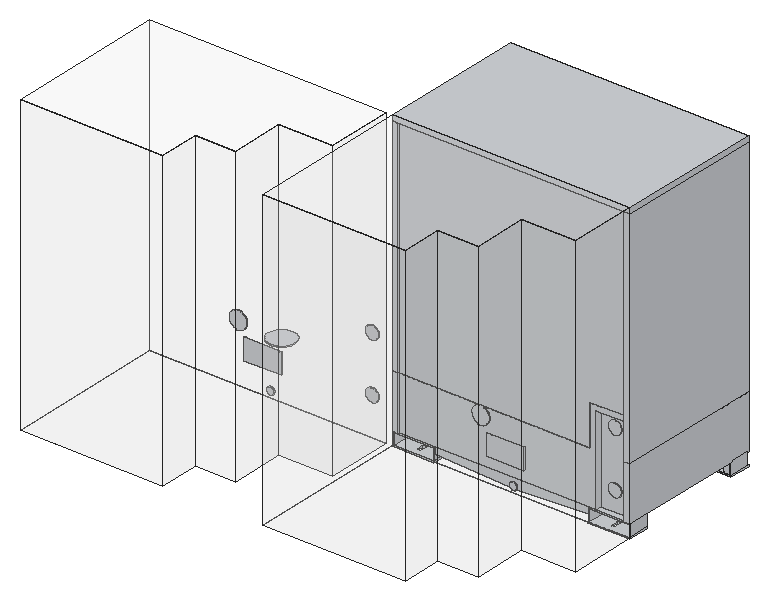
Revit family "pqhy-p224_1000(s)dmg9_50Hz", category 機械設備, Revit 2019
Family settings
  丸型コネクタ寸法 = 直径を使用
  パーツ タイプ = 標準
  OmniClass 番号 = 23.75.10.24.21.27.27
  OmniClass タイトル = Split System Air Conditioning Units
  作業面ベース = いいえ
  常に垂直 = はい
  ロード時にボイドで切り取り = いいえ
  共有 = いいえ
  部屋計算ポイント = いいえ
Parameters (values of type "PQHY-P500SDMG9")
  音響パワーレベル(dB) = 71
  電源種別 = ""
  電源径 = 65.00 mm  # constant formula
  電圧 = 200 V
  電動機出力_送風機 = 0 kW
  電動機出力_圧縮機 = 12.2 kW
  集中コントローラ [instance] = ""
  運転質量 = 350.00 kg
  運転方法 = "冷暖切替"
  質量 = 0.00 kg
  負荷分類 = 1_熱源類
  説明 = "ビル用マルチエアコン 室外ユニット シティマルチWY Eeco"
  設計暖房能力 [instance] = 0 kW
  設計冷房能力_顕熱 [instance] = 0 kW
  設計冷房能力 [instance] = 0 kW
  設置方法 = "床置形"
  記号 [instance] = ""
  製造元 = "三菱電機株式会社"
  製品質量 = 340.00 kg
  製品出荷対象 = "国内"
  製品リリース年月 = "2024/4/26"
  製品グループ = ""
  系統 [instance] = ""
  符号 = "EHP"
  積算_科目 = "1 空気調和設備"
  積算_拾い区分 [instance] = ""
  相 = 3
  盤記号 [instance] = ""
  発停方法 = "付属スイッチ"
  特殊仕様 [instance] = ""
  熱源水量 = 11.52 m³/h
  熱源水管径 = 48.60 mm
  熱源水入口温度_暖房 = 20
  熱源水入口温度_冷房 = 30
  消費電力_暖房 = 8.32 kW
  消費電力_冷房 = 10.5 kW
  消費電力 = if(消費電力_冷房 > 消費電力_暖房, 消費電力_冷房, 消費電力_暖房)  # 10.5 kW
  法定耐用年数 = "15"
  水配管出口径 = 水配管入口径  # 48.60 mm
  水配管入口径 = 48.60 mm  # constant formula
  水熱交換機器　保有水量 = 9.2
  機械基礎質量 [instance] = 0.00 kg
  機械基礎_W = 0.00 mm
  機械基礎_H = 0.00 mm
  機械基礎_D = 0.00 mm
  機械基礎 [instance] = no
  極数 = 3
  材質 [instance] = ""
  本体マテリアル = none
  最小電線太さ_mm2 = 22
  最大電流値 = 51.9 A
  暖房能力 = 56 kW
  損失水頭_熱源水一次側 = 48000.0 Pa
  推奨ブレーカー容量 = 60 A
  形式 = "マルチパッケージ形 室外機"
  冷媒液管径 = 15.88 mm
  冷媒ガス管径 = 28.58 mm
  ユニット2 = PQHY-P-DMG① : PQHY-P224DMG9
  幹線記号 [instance] = ""
  始動方式 = "インバーター"
  呼称 = "マルチパッケージ形空気調和機"
  周波数 = 50 Hz
  参照している仕様書等のバージョン = "公共建築工事標準仕様書（機械設備工事編）平成31年度版"
  分類コード = "50053005200000"
  分類グループ = ""
  冷房能力 = 50 kW
  冷媒管長 [instance] = 0.00 mm
  冷媒管径符号 = "Dh"
  冷媒管径 = 100.00 mm  # constant formula
  価格 = 0
  企業コード = "108420"
  付属品 [instance] = ""
  仕様書バージョン = "Version1.0"
  ユニット数 = 2
  ユニット2電源高さ = ユニット1電源高さ  # 216.00 mm
  ユニット2電源幅 = ユニット1電源幅  # 555.00 mm
  ユニット2ダクト左位置 = ユニット1ダクト左位置  # 394.00 mm
  ユニット2ダクト下位置 = ユニット1ダクト下位置  # 89.00 mm
  ユニット2水配管出口高さ = ユニット1水配管出口高さ  # 208.00 mm
  ユニット2水配管出口幅 = ユニット1水配管出口幅  # 77.00 mm
  ユニット2水配管入口高さ = ユニット1水配管入口高さ  # 124.00 mm
  ユニット2水配管入口幅 = ユニット1水配管入口幅  # 77.00 mm
  ユニット2冷媒液管径 = 9.52 mm
  ユニット2冷媒管高さ = ユニット1冷媒管高さ  # 149.00 mm
  ユニット2冷媒管幅 = ユニット1冷媒管幅  # 463.50 mm
  ユニット2冷媒管奥行き = ユニット1冷媒管奥行き  # 91.00 mm
  ユニット2冷媒ガス管径 = 19.05 mm
  ユニット2ドレン高さ = ユニット1ドレン高さ  # 23.00 mm
  ユニット2ドレン幅 = ユニット1ドレン幅  # 435.00 mm
  ユニット2表示 = yes
  ユニット1 = PQHY-P-DMG① : PQHY-P280DMG9
  ユニット1電源高さ = 216.00 mm
  ユニット1電源幅 = 555.00 mm
  ユニット1ダクト左位置 = 394.00 mm
  ユニット1ダクト下位置 = 89.00 mm  # constant formula
  ユニット1水配管出口高さ = 208.00 mm
  ユニット1水配管出口幅 = ユニット1水配管入口幅  # 77.00 mm
  ユニット1水配管入口高さ = 124.00 mm
  ユニット1水配管入口幅 = 77.00 mm
  ユニット1冷媒液管径 = 9.52 mm
  ユニット1冷媒管高さ = 149.00 mm
  ユニット1冷媒管幅 = 463.50 mm
  ユニット1冷媒管奥行き = 91.00 mm
  ユニット1冷媒ガス管径 = 22.20 mm
  ユニット1ドレン高さ = 23.00 mm  # constant formula
  ユニット1ドレン幅 = 435.00 mm
  モデル = "PQHY-P500SDMG9"
  ドレン管径 = 27.20 mm  # constant formula
  ダクト高 = 77 mm  # constant formula
  ダクト幅 = 140 mm  # constant formula
  サービススペース = yes
  ユニット間隔 = 20.00 mm  # constant formula
  コメント [instance] = ""
  Keynote = ""
  Width = 880.00 mm
  Version = ""
  Uniclass2015Version = "Systems v1.9"
  Uniclass2015Title = "Split coil remote air cooled condensing units"
  Uniclass2015Code = "Pr_70_65_03_84"
  URL = "https://www.mitsubishielectric.co.jp/ldg/wink/qr/002/332080/"
  SpecificationReference = ""
  SpecificationDescription = ""
  Revision = ""
  ProductInformation = ""
  OmniClassCode = "23-33 17 13 11"
  OUTLINE2 = outline_w : outline_s
  OUTLINE1 = outline_w : outline_s
  MAX風量 = 0 m³/h
  IfcTypeProduct = ""
  IfcProduct = ""
  IfcExportType = "AIRCONDITIONINGUNIT"
  IfcExportAs = "IfcUnitaryEquipmentType"
  Height = 1100.00 mm
  Depth = 550.00 mm
  Clearance Top = 0.00 mm
  Clearance Right = 0.00 mm
  Clearance Left = 0.00 mm
  Clearance Front = 600.00 mm
  Clearance Back = 0.00 mm
  COP = 0
  Author = "三菱電機株式会社"
  APF = 0
Reference planes
  plane 1: z = 0
  plane 2: z = 1100
  plane 3: z = 1100
  plane 4 "中心(正面/背面)": y = 275
  plane 5 "中心(左/右)": x = 1340
  plane 6 "左": x = 0
  plane 7 "正面": y = 0
  plane 8 "背面": y = 550
  plane 9: x = 880
  plane 10: x = 900
  plane 11: x = 1780
  plane 12: y = -150
  plane 13: y = 550
  plane 14: y = -600
  plane 15: x = 0
  plane 16: x = 1780
  plane 17: x = 440
  plane 18: y = 5
  plane 19: y = 4
  plane 20: y = 29
  plane 21: y = 28
  plane 22: x = 1703
  plane 23: x = 803
  plane 24: z = 332
  plane 25: z = 124
  plane 26: z = 124
  plane 27: z = 332
  plane 28: x = 445
  plane 29: x = 1345
  plane 30: z = 23
  plane 31: z = 23
  plane 32: x = 325
  plane 33: x = 1225
  plane 34: z = 216
  plane 35: z = 216
  plane 36: x = 486
  plane 37: x = 346
  plane 38: x = 1386
  plane 39: x = 1246
  plane 40: z = 166
  plane 41: z = 89
  plane 42: z = 166
  plane 43: z = 89
  plane 44: x = 416.5
  plane 45: x = 1316.5
  plane 46: y = 91
  plane 47: y = 91
  plane 48: z = 149
  plane 49: z = 150
  plane 50: z = 149
  plane 51: z = 150
Forms (mm)
  Extrusion 1, solid, detail levels fine
    sketch origin (0, 275, 0) x (1, 0, 0) y (0, 0, 1)
      loop
        circle (803, 332) r 24.3
      loop
        circle (803, 124) r 24.3
    from 246 to 247
  Extrusion 2, solid, visible <- "ユニット2表示", detail levels fine
    sketch origin (0, 275, 0) x (1, 0, 0) y (0, 0, 1)
      loop
        circle (1703, 332) r 24.3
      loop
        circle (1703, 124) r 24.3
    from 246 to 247
  Extrusion 3, solid, detail levels fine
    sketch origin (0, 275, 0) x (1, 0, 0) y (0, 0, 1)
      loop
        circle (445, 23) r 13.6
    from 270 to 271
  Extrusion 4, solid, visible <- "ユニット2表示", detail levels fine
    sketch origin (0, 275, 0) x (1, 0, 0) y (0, 0, 1)
      loop
        circle (1345, 23) r 13.6
    from 270 to 271
  Extrusion 5, solid, visible <- "ユニット2表示", detail levels fine
    sketch origin (0, 275, 0) x (1, 0, 0) y (0, 0, 1)
      loop
        circle (1225, 216) r 32.5
    from 270 to 271
  Extrusion 6, solid, detail levels fine
    sketch origin (0, 275, 0) x (1, 0, 0) y (0, 0, 1)
      loop
        circle (325, 216) r 32.5
    from 270 to 271
  Extrusion 7, solid, visible <- "ユニット2表示", detail levels fine
    sketch origin (0, 275, 0) x (1, 0, 0) y (0, 0, 1)
      loop
        line (1246, 166) -> (1246, 89) -> (1386, 89) -> (1386, 166) -> (1246, 166)
    from 270 to 271
  Extrusion 8, solid, detail levels fine
    sketch origin (0, 275, 0) x (1, 0, 0) y (0, 0, 1)
      loop
        line (346, 89) -> (486, 89) -> (486, 166) -> (346, 166) -> (346, 89)
    from 270 to 271
  Extrusion 9, solid, detail levels fine
    sketch origin (0, 0, 0) x (1, 0, 0) y (0, 1, 0)
      loop
        circle (416.5, 91) r 50
    from 149 to 150
  Extrusion 10, solid, visible <- "ユニット2表示", detail levels fine
    sketch origin (0, 0, 0) x (1, 0, 0) y (0, 1, 0)
      loop
        circle (1316.5, 91) r 50
    from 149 to 150
Dimensions and locks
  "Clearance Top": plane 3 to plane 2
  equal spacing: plane 7 "正面", plane 4 "中心(正面/背面)", plane 8 "背面"
  "Width": plane 6 "左" to plane 9
  "Width": plane 10 to plane 11
  "ユニット間隔": plane 9 to plane 10
  "Clearance Back": plane 13 to plane 8 "背面"
  "Clearance Front": plane 14 to plane 7 "正面"
  "Clearance Left": plane 15 to plane 6 "左"
  "Depth": plane 7 "正面" to plane 8 "背面"
  equal spacing: plane 6 "左", plane 17, plane 9
  equal spacing: plane 10, plane 5 "中心(左/右)", plane 11
  "Clearance Right": plane 11 to plane 16
  "Height": plane 2 to level
  locked: plane 19 to plane 18 at 1
  locked: plane 7 "正面" to plane 18 at 5
  locked: plane 21 to plane 20 at 1
  locked: plane 7 "正面" to plane 20 at 29
  "ユニット2水配管入口幅": plane 11 to plane 22
  "ユニット1水配管入口幅": plane 9 to plane 23
  "ユニット1水配管入口高さ": plane 25 to plane 1
  "ユニット1水配管出口高さ": plane 24 to plane 25
  "ユニット2水配管入口高さ": plane 26 to plane 1
  "ユニット2水配管出口高さ": plane 27 to plane 26
  "ユニット2ドレン高さ": plane 30 to plane 1
  "ユニット1ドレン幅": plane 9 to plane 28
  "ユニット2ドレン幅": plane 11 to plane 29
  "ユニット1ドレン高さ": plane 31 to plane 1
  "ユニット1電源高さ": plane 35 to plane 1
  "ユニット1電源幅": plane 9 to plane 32
  "ユニット2電源高さ": plane 34 to plane 1
  "ユニット2電源幅": plane 11 to plane 33
  "ユニット1ダクト左位置": plane 9 to plane 36
  "ダクト幅": plane 36 to plane 37
  "ユニット2ダクト左位置": plane 11 to plane 38
  "ダクト幅": plane 38 to plane 39
  "ユニット1ダクト下位置": plane 41 to plane 1
  "ダクト高": plane 42 to plane 43
  "ユニット2ダクト下位置": plane 43 to plane 1
  "ダクト高": plane 40 to plane 41
  "ユニット1冷媒管奥行き": plane 7 "正面" to plane 46
  "ユニット2冷媒管奥行き": plane 7 "正面" to plane 47
  "ユニット1冷媒管幅": plane 9 to plane 44
  "ユニット2冷媒管幅": plane 11 to plane 45
  locked: plane 49 to plane 48 at 1
  locked: plane 51 to plane 50 at 1
  "ユニット1冷媒管高さ": plane 48 to plane 1
  "ユニット2冷媒管高さ": plane 50 to plane 1
  "水配管出口径": diameter of Extrusion 1 sketch curve
  "水配管入口径": diameter of Extrusion 1 sketch curve
  "水配管出口径": diameter of Extrusion 2 sketch curve
  "水配管入口径": diameter of Extrusion 2 sketch curve
  "ドレン管径": diameter of Extrusion 3 sketch curve
  "ドレン管径": diameter of Extrusion 4 sketch curve
  "電源径": diameter of Extrusion 6 sketch curve
  "電源径": diameter of Extrusion 5 sketch curve
  "冷媒管径": diameter of Extrusion 9 sketch curve
  "冷媒管径": diameter of Extrusion 10 sketch curve
  aligned and locked: level to plane 1
  aligned and locked: nested 1 to plane 14
  aligned and locked: plane 1 to nested 1
  aligned and locked: plane 3 to nested 1
  aligned and locked: plane 4 "中心(正面/背面)" to nested 2
  aligned and locked: plane 7 "正面" to nested 1
  aligned and locked: nested 3 to plane 14
  aligned and locked: plane 7 "正面" to nested 3
  aligned and locked: plane 3 to nested 3
  aligned and locked: plane 24 to Extrusion 1 sketch curve
  aligned and locked: plane 25 to Extrusion 1 sketch curve
  aligned and locked: plane 23 to Extrusion 1 sketch curve  (x2)
  aligned and locked: Extrusion 1 to plane 20
  aligned and locked: plane 21 to Extrusion 1
  aligned and locked: plane 27 to Extrusion 2 sketch curve
  aligned and locked: plane 22 to Extrusion 2 sketch curve  (x2)
  aligned and locked: plane 26 to Extrusion 2 sketch curve
  aligned and locked: Extrusion 2 to plane 20
  aligned and locked: plane 21 to Extrusion 2
  aligned and locked: plane 28 to Extrusion 3 sketch curve
  aligned and locked: plane 30 to Extrusion 4 sketch curve
  aligned and locked: plane 29 to Extrusion 4 sketch curve
  aligned and locked: Extrusion 4 to plane 18
  aligned and locked: plane 19 to Extrusion 4
  aligned and locked: plane 18 to Extrusion 3
  aligned and locked: plane 19 to Extrusion 3
  aligned and locked: plane 31 to Extrusion 3 sketch curve
  aligned and locked: plane 35 to Extrusion 6 sketch curve
  aligned and locked: plane 32 to Extrusion 6 sketch curve
  aligned and locked: plane 34 to Extrusion 5 sketch curve
  aligned and locked: plane 33 to Extrusion 5 sketch curve
  aligned and locked: Extrusion 6 to plane 18
  aligned and locked: plane 19 to Extrusion 6
  aligned and locked: Extrusion 5 to plane 18
  aligned and locked: plane 19 to Extrusion 5
  aligned and locked: Extrusion 7 sketch curve to plane 42
  aligned and locked: plane 39 to Extrusion 7 sketch curve
  aligned and locked: plane 43 to Extrusion 7 sketch curve
  aligned and locked: Extrusion 7 sketch curve to plane 38
  aligned and locked: Extrusion 7 to plane 18
  aligned and locked: plane 19 to Extrusion 7
  aligned and locked: Extrusion 8 sketch curve to plane 41
  aligned and locked: plane 37 to Extrusion 8 sketch curve
  aligned and locked: plane 40 to Extrusion 8 sketch curve
  aligned and locked: Extrusion 8 sketch curve to plane 36
  aligned and locked: Extrusion 8 to plane 18
  aligned and locked: plane 19 to Extrusion 8
  aligned and locked: plane 46 to Extrusion 9 sketch curve
  aligned and locked: plane 44 to Extrusion 9 sketch curve
  aligned and locked: plane 47 to Extrusion 10 sketch curve
  aligned and locked: plane 45 to Extrusion 10 sketch curve
  aligned and locked: plane 51 to Extrusion 10
  aligned and locked: Extrusion 10 to plane 50
  aligned and locked: plane 49 to Extrusion 9
  aligned and locked: Extrusion 9 to plane 48
  aligned and locked: plane 10 to nested 2
  aligned and locked: nested 2 to plane 16
  aligned and locked: plane 15 to nested 4
  aligned and locked: nested 4 to plane 9
  aligned and locked: plane 4 "中心(正面/背面)" to nested 5
  aligned and locked: plane 17 to nested 5
  aligned and locked: plane 4 "中心(正面/背面)" to nested 6
  aligned and locked: plane 5 "中心(左/右)" to nested 6
Nested families
  nested 1: "サービススペース(pqhy-p)" at (1340, -300, 550), type "サービススペース(pqhy-p)"
    with 表示 yes, Width 880.00 mm, Height 1100.00 mm, Depth 600.00 mm
  nested 2: "PQHY-P-DMG①" at (1340, 275, 0), type <- "ユニット1", ⑥水配管-径 <- "水配管入口径", ⑧ドレン-H <- "ユニット1ドレン高さ", ⑧ドレン-W <- "ユニット1ドレン幅", ⑧ドレン-径 <- "ドレン管径", ⑥水配管-H <- "ユニット1水配管入口高さ", ⑥水配管-W <- "ユニット1水配管入口幅", ⑦水配管-H <- "ユニット1水配管出口高さ", ①-H <- "ユニット1ダクト下位置", ①-W <- "ユニット1ダクト左位置", ①配管用-H <- "ダクト高", ①配管用-W <- "ダクト幅", ③電源-H <- "ユニット1電源高さ", ③電源-W <- "ユニット1電源幅", ③電源-径 <- "電源径", 圧-径 <- "冷媒管径", マテリアル1 <- "本体マテリアル", 液-H <- "ユニット1冷媒管高さ", ガス-径 <- "ユニット1冷媒ガス管径", 液-径 <- "ユニット1冷媒液管径", type "PQHY-P280DMG9"
    with 高 1100.00 mm, 液-径 9.52 mm, 液-W 83.00 mm, 液-H 149.00 mm, 液-D 91.00 mm, 幅 880.00 mm, 奥行 550.00 mm, 圧-径 100.00 mm, 吊りボルト-径 14.00 mm, 吊りボルト-W 721.00 mm, 吊りボルト-D 473.00 mm, ユニット表示 yes, マテリアル2 none, マテリアル1 none, ガス-径 22.20 mm, ガス-W 422.00 mm, ガス-H 185.00 mm, ガス-D 91.00 mm, ⑧ドレン-径 27.20 mm, ⑧ドレン-W 435.00 mm, ⑧ドレン-H 23.00 mm, ⑦水配管-径 48.60 mm, ⑦水配管-W 77.00 mm, ⑦水配管-H 208.00 mm, ⑥水配管-径 48.60 mm, ⑥水配管-W 77.00 mm, ⑥水配管-H 124.00 mm, ③電源-径 65.00 mm, ③電源-W 555.00 mm, ③電源-H 216.00 mm, ①配管用-W 140.00 mm, ①配管用-H 77.00 mm, ①-W 394.00 mm, ①-H 89.00 mm
  nested 3: "サービススペース(pqhy-p)" at (440, -300, 550), 表示 <- "ユニット2表示", type "サービススペース(pqhy-p)"
    with 表示 yes, Width 880.00 mm, Height 1100.00 mm, Depth 600.00 mm
  nested 4: "PQHY-P-DMG①" at (440, 275, 0), マテリアル1 <- "本体マテリアル", ①-H <- "ユニット2ダクト下位置", ①-W <- "ユニット2ダクト左位置", ①配管用-H <- "ダクト高", ①配管用-W <- "ダクト幅", ③電源-H <- "ユニット2電源高さ", ③電源-W <- "ユニット2電源幅", ③電源-径 <- "電源径", ⑥水配管-H <- "ユニット2水配管入口高さ", ⑥水配管-W <- "ユニット2水配管入口幅", ⑥水配管-径 <- "水配管入口径", ⑦水配管-H <- "ユニット2水配管出口高さ", ⑧ドレン-H <- "ユニット2ドレン高さ", ⑧ドレン-W <- "ユニット2ドレン幅", ⑧ドレン-径 <- "ドレン管径", 圧-径 <- "冷媒管径", ユニット表示 <- "ユニット2表示", ガス-径 <- "ユニット1冷媒ガス管径", 液-径 <- "ユニット2冷媒液管径", type <- "ユニット2", type "PQHY-P224DMG9", not visible, detail levels fine
    with 高 1100.00 mm, 液-径 9.52 mm, 液-W 83.00 mm, 液-H 149.00 mm, 液-D 91.00 mm, 幅 880.00 mm, 奥行 550.00 mm, 圧-径 100.00 mm, 吊りボルト-径 14.00 mm, 吊りボルト-W 721.00 mm, 吊りボルト-D 473.00 mm, ユニット表示 yes, マテリアル2 none, マテリアル1 none, ガス-径 22.20 mm, ガス-W 422.00 mm, ガス-H 185.00 mm, ガス-D 91.00 mm, ⑧ドレン-径 27.20 mm, ⑧ドレン-W 435.00 mm, ⑧ドレン-H 23.00 mm, ⑦水配管-径 48.60 mm, ⑦水配管-W 77.00 mm, ⑦水配管-H 208.00 mm, ⑥水配管-径 48.60 mm, ⑥水配管-W 77.00 mm, ⑥水配管-H 124.00 mm, ③電源-径 65.00 mm, ③電源-W 555.00 mm, ③電源-H 216.00 mm, ①配管用-W 140.00 mm, ①配管用-H 77.00 mm, ①-W 394.00 mm, ①-H 89.00 mm
  nested 5: "outline_w" at (440, 275, 0), type <- "OUTLINE2", ユニット2 <- "ユニット2表示", OUTLINE表示 <- "ユニット2表示", Height <- "Height", type "outline_s", detail levels coarse+medium
    with ユニット2 yes, Width 880.00 mm, OUTLINE表示 yes, Height 1100.00 mm, Depth 550.00 mm
  nested 6: "outline_w" at (1340, 275, 0), type <- "OUTLINE1", Height <- "Height", type "outline_s"
    with ユニット2 yes, Width 880.00 mm, OUTLINE表示 yes, Height 1100.00 mm, Depth 550.00 mm
Connectors
  piping at (1316.5, 91, 149), diameter 100, driven by "冷媒管径", driven by "冷媒管径符号"
    settings: on Extrusion 10, index 1, connector inside diameter 609.60 mm, connector length 0.00 mm, flow factor 0, pipe flow 0.0 m³/h, pressure drop 0.0 Pa, fitting loss kfactor 0, connector angle 0.00°, fixture units 0, engagement length 0.00 mm, angle of deflection 0.00°, flow configuration 1, flow direction 2, fitting loss method 4, system type 7, joint type 0, gender type 0, connector reference index -1, connector utility 0, adjustable connector no, is connector primary yes, connector description "Dh"
  piping at (416.5, 91, 149), diameter 100, driven by "冷媒管径", driven by "冷媒管径符号"
    settings: on Extrusion 9, index 2, connector inside diameter 609.60 mm, connector length 0.00 mm, flow factor 0, pipe flow 0.0 m³/h, pressure drop 0.0 Pa, fitting loss kfactor 0, connector angle 0.00°, fixture units 0, engagement length 0.00 mm, angle of deflection 0.00°, flow configuration 1, flow direction 2, fitting loss method 4, system type 7, joint type 0, gender type 0, connector reference index -1, connector utility 0, adjustable connector no, is connector primary no, connector description "Dh"
  electrical at (1225, 4, 216), driven by "極数", driven by "負荷分類", driven by "電圧", driven by "消費電力"
    settings: on Extrusion 5, index 3, voltage 200 V, apparent load 10500 VA, apparent load phase1 0 VA, apparent load phase2 0 VA, apparent load phase3 0 VA, power factor 1, load classification "1_熱源類", number of poles 3, system type 30, power factor state 1, is connector primary yes, connector utility no, sub classification motor no, connector description ""
  electrical at (325, 4, 216), driven by "極数", driven by "負荷分類", driven by "電圧", driven by "消費電力"
    settings: on Extrusion 6, index 4, voltage 200 V, apparent load 10500 VA, apparent load phase1 0 VA, apparent load phase2 0 VA, apparent load phase3 0 VA, power factor 1, load classification "1_熱源類", number of poles 3, system type 30, power factor state 1, is connector primary no, connector utility no, sub classification motor no, connector description ""
  hvac at (1316, 4, 127.5), driven by "ダクト高", driven by "ダクト幅", driven by "冷媒管径符号"
    settings: on Extrusion 7, index 5, duct flow 0 m³/h, flow factor 0, pres drop 0.0 Pa, loss coef 0, conn angle 0.00°, conn width 140 mm, conn height 77 mm, conn diameter 609.6 mm, duct sys type 29, conn prof type 1, flow config 1, flow direction 2, loss method 4, conn ref index -1, conn util no, is conn primary yes, conn desc "Dh"
  hvac at (416, 4, 127.5), driven by "ダクト高", driven by "ダクト幅", driven by "冷媒管径符号"
    settings: on Extrusion 8, index 6, duct flow 0 m³/h, flow factor 0, pres drop 0.0 Pa, loss coef 0, conn angle 0.00°, conn width 140 mm, conn height 77 mm, conn diameter 609.6 mm, duct sys type 29, conn prof type 1, flow config 1, flow direction 2, loss method 4, conn ref index -1, conn util no, is conn primary no, conn desc "Dh"
  piping at (1345, 4, 23), diameter 27.2, driven by "ドレン管径"
    settings: on Extrusion 4, index 7, connector inside diameter 609.60 mm, connector length 0.00 mm, flow factor 0, pipe flow 0.0 m³/h, pressure drop 0.0 Pa, fitting loss kfactor 0, connector angle 0.00°, fixture units 0, engagement length 0.00 mm, angle of deflection 0.00°, flow configuration 1, flow direction 2, fitting loss method 4, system type 16, joint type 0, gender type 0, connector reference index -1, connector utility 0, adjustable connector no, is connector primary no, connector description ""
  piping at (445, 4, 23), diameter 27.2, driven by "ドレン管径"
    settings: on Extrusion 3, index 8, connector inside diameter 609.60 mm, connector length 0.00 mm, flow factor 0, pipe flow 0.0 m³/h, pressure drop 0.0 Pa, fitting loss kfactor 0, connector angle 0.00°, fixture units 0, engagement length 0.00 mm, angle of deflection 0.00°, flow configuration 1, flow direction 2, fitting loss method 4, system type 16, joint type 0, gender type 0, connector reference index -1, connector utility 0, adjustable connector no, is connector primary no, connector description ""
  piping at (803, 28, 124), diameter 48.6, driven by "水配管入口径", driven by "熱源水量", driven by "損失水頭_熱源水一次側"
    settings: on Extrusion 1, index 9, connector inside diameter 609.60 mm, connector length 0.00 mm, flow factor 0, pipe flow 11.52 m³/h, pressure drop 48000.0 Pa, fitting loss kfactor 0, connector angle 0.00°, fixture units 0, engagement length 0.00 mm, angle of deflection 0.00°, flow configuration 1, flow direction 1, fitting loss method 4, system type 8, joint type 0, gender type 0, connector reference index -1, connector utility 0, adjustable connector no, is connector primary no, connector description ""
  piping at (803, 28, 332), diameter 48.6, driven by "水配管出口径", driven by "熱源水量", driven by "損失水頭_熱源水一次側"
    settings: on Extrusion 1, index 10, connector inside diameter 609.60 mm, connector length 0.00 mm, flow factor 0, pipe flow 11.52 m³/h, pressure drop 48000.0 Pa, fitting loss kfactor 0, connector angle 0.00°, fixture units 0, engagement length 0.00 mm, angle of deflection 0.00°, flow configuration 1, flow direction 2, fitting loss method 4, system type 7, joint type 0, gender type 0, connector reference index -1, connector utility 0, adjustable connector no, is connector primary no, connector description ""
  piping at (1703, 28, 332), diameter 48.6, driven by "水配管出口径", driven by "熱源水量", driven by "損失水頭_熱源水一次側"
    settings: on Extrusion 2, index 11, connector inside diameter 609.60 mm, connector length 0.00 mm, flow factor 0, pipe flow 11.52 m³/h, pressure drop 48000.0 Pa, fitting loss kfactor 0, connector angle 0.00°, fixture units 0, engagement length 0.00 mm, angle of deflection 0.00°, flow configuration 1, flow direction 2, fitting loss method 4, system type 7, joint type 0, gender type 0, connector reference index -1, connector utility 0, adjustable connector no, is connector primary no, connector description ""
  piping at (1703, 28, 124), diameter 48.6, driven by "水配管入口径", driven by "熱源水量", driven by "損失水頭_熱源水一次側"
    settings: on Extrusion 2, index 12, connector inside diameter 609.60 mm, connector length 0.00 mm, flow factor 0, pipe flow 11.52 m³/h, pressure drop 48000.0 Pa, fitting loss kfactor 0, connector angle 0.00°, fixture units 0, engagement length 0.00 mm, angle of deflection 0.00°, flow configuration 1, flow direction 1, fitting loss method 4, system type 8, joint type 0, gender type 0, connector reference index -1, connector utility 0, adjustable connector no, is connector primary no, connector description ""
Definition of nested family "サービススペース(pqhy-p)"
  Parameters (values of type "サービススペース")
    表示 [instance] = yes
    Width [instance] = 880.00 mm
    Height [instance] = 500.00 mm
    Depth [instance] = 600.00 mm
  Reference planes
    plane 1 "中心(正面/背面)": y = 0
    plane 2: z = 0
    plane 3 "中心(左/右)": x = 0
    plane 4: y = -300
    plane 5: x = 440
    plane 6: y = 300
    plane 7: x = -440
    plane 8: z = 250
    plane 9: z = -250
    plane 10: y = 50
    plane 11: y = -150
    plane 12: x = 240
    plane 13: x = 90
  Forms (mm)
    Extrusion 1, solid, visible <- "表示"
      sketch origin (-638.939, 0, 72.39) x (1, 0, 0) y (0, 1, 0)
        loop
          line (198.939, 300) -> (198.939, -300) -> (728.939, -300) -> (728.939, -150) -> (878.939, -150) -> (878.939, 50) -> (1078.939, 50) -> (1078.939, 300) -> (198.939, 300)
      from -322.39 to 177.61
  Lines and regions (mm)
    symbolic lines
      curve 1: line (-440, 0, 250) -> (440, 0, 250)
      curve 2: line (-440, 0, -250) -> (-440, 0, 250)
      curve 3: line (440, 0, -250) -> (-440, 0, -250)
      curve 4: line (440, 0, 250) -> (440, 0, -250)
      curve 5: line (0, -300, 250) -> (0, 300, 250)
      curve 6: line (0, -300, -250) -> (0, -300, 250)
      curve 7: line (0, 300, -250) -> (0, -300, -250)
      curve 8: line (0, 300, 250) -> (0, 300, -250)
    symbolic lines, visible <- "表示"
      curve 9: line (-440, 300, 0) -> (440, 300, 0)
      curve 10: line (-440, -300, 0) -> (-440, 300, 0)
      curve 11: line (90, -300, 0) -> (-440, -300, 0)
      curve 12: line (440, 300, 0) -> (440, 50, 0)
      curve 13: line (240, 50, 0) -> (440, 50, 0)
      curve 14: line (240, -150, 0) -> (240, 50, 0)
      curve 15: line (90, -150, 0) -> (240, -150, 0)
      curve 16: line (90, -300, 0) -> (90, -150, 0)
  Dimensions and locks
    equal spacing: plane 7, plane 3 "中心(左/右)", plane 5
    equal spacing: plane 4, plane 1 "中心(正面/背面)", plane 6
    "Depth": plane 4 to plane 6
    "Width": plane 7 to plane 5
    equal spacing: plane 8, plane 2, plane 9
    "Height": plane 8 to plane 9
    locked: plane 10 to plane 6 at 250
    locked: plane 11 to plane 6 at 450
    locked: plane 12 to plane 5 at 200
    locked: plane 13 to plane 5 at 350
    aligned and locked: plane 9 to curve 3
    aligned and locked: plane 7 to curve 2
    aligned and locked: curve 4 to plane 5
    aligned and locked: plane 5 to Extrusion 1
    aligned and locked: Extrusion 1 to plane 7
    aligned and locked: Extrusion 1 to plane 9
    aligned and locked: plane 8 to Extrusion 1
    aligned and locked: plane 9 to curve 7
    aligned and locked: Extrusion 1 sketch curve to plane 10
    aligned and locked: Extrusion 1 sketch curve to plane 12
    aligned and locked: Extrusion 1 sketch curve to plane 13
    aligned and locked: Extrusion 1 sketch curve to plane 11
    aligned and locked: curve 13 to Extrusion 1
    aligned and locked: curve 14 to Extrusion 1
    aligned and locked: curve 15 to Extrusion 1
    aligned and locked: curve 16 to Extrusion 1
  Automatic sketch dimensions
    plane 4 to Extrusion 1 sketch curve = 0.00 mm
    Extrusion 1 sketch curve to plane 7 = 0.00 mm
    plane 6 to Extrusion 1 sketch curve = 0.00 mm
    curve 2 to plane 8 = 0.00 mm
    plane 4 to curve 11 = 0.00 mm
    curve 11 to plane 7 = 0.00 mm
    plane 6 to curve 10 = 0.00 mm
    curve 7 to plane 4 = 0.00 mm
    curve 7 to plane 6 = 0.00 mm
    curve 6 to plane 8 = 0.00 mm
    Extrusion 1 sketch curve to plane 5 = 0.00 mm
    curve 12 to plane 5 = 0.00 mm
Definition of nested family "PQHY-P-DMG①"
  Parameters (values of type "PQHY-P280DMG9")
    液-径 [instance] = 9.52 mm
    液-W [instance] = 83.00 mm
    液-H [instance] = 149.00 mm
    液-D [instance] = 91.00 mm
    高 [instance] = 1100.00 mm
    圧-径 [instance] = 100.00 mm
    ⑦水配管-径 [instance] = [⑥水配管-径]  # 52.00 mm
    ⑦水配管-W [instance] = [⑥水配管-W]  # 77.00 mm
    ⑦水配管-H [instance] = 208.00 mm
    ⑥水配管-径 [instance] = 52.00 mm
    ⑥水配管-W [instance] = 77.00 mm
    ⑥水配管-H [instance] = 124.00 mm
    ③電源-径 [instance] = 65.00 mm
    ③電源-W [instance] = 555.00 mm
    ③電源-H [instance] = 216.00 mm
    ユニット表示 [instance] = yes
    幅 [instance] = 880.00 mm
    奥行 [instance] = 550.00 mm
    吊りボルト-径 [instance] = 14.00 mm
    吊りボルト-W [instance] = 721.00 mm
    吊りボルト-D [instance] = 473.00 mm
    ガス-径 [instance] = 22.20 mm
    ガス-W [instance] = 422.00 mm
    ガス-H [instance] = 185.00 mm
    ガス-D [instance] = 91.00 mm
    マテリアル2 [instance] = none
    マテリアル1 [instance] = none
    ⑧ドレン-径 [instance] = 26.00 mm
    ⑧ドレン-W [instance] = 435.00 mm
    ⑧ドレン-H [instance] = 23.00 mm
    ①配管用-W [instance] = 140.00 mm
    ①配管用-H [instance] = 77.00 mm
    ①-W [instance] = 394.00 mm
    ①-H [instance] = 89.00 mm
  Types (3, lengths in mm): name | ガス-径
    PQHY-P335DMG9 | 22.20
    PQHY-P280DMG9 | 22.20
    PQHY-P224DMG9 | 19.05
  Reference planes
    plane 1 "中心(正面/背面)": y = 0
    plane 2: z = 0
    plane 3 "中心(左/右)": x = 0
    plane 4: x = 440
    plane 5: x = -440
    plane 6: y = 275
    plane 7: y = -275
    plane 8: z = 1100
    plane 9: z = 250
    plane 10: z = 400
    plane 11: z = 1080
    plane 12: x = 420
    plane 13: x = -420
    plane 14: x = 290
    plane 15: z = 50
    plane 16: y = -246
    plane 17: y = 270
    plane 18: y = -270
    plane 19: y = 236.5
    plane 20: y = -236.5
    plane 21: x = 360.5
    plane 22: x = -360.5
    plane 23: y = 195
    plane 24: y = -195
    plane 25: x = -285
    plane 26: x = 285
    plane 27: z = 23
    plane 28: x = 5
    plane 29: x = -115
    plane 30: z = 216
    plane 31: y = -184
    plane 32: x = 18
    plane 33: x = -65
    plane 34: z = 149
    plane 35: z = 249
    plane 36: y = 271
    plane 37: y = -271
    plane 38: y = -274
    plane 39: y = -247
    plane 40: x = 363
    plane 41: z = 124
    plane 42: z = 332
    plane 43: x = 18
    plane 44: z = 216
    plane 45: x = 46
    plane 46: x = -94
    plane 47: z = 89
    plane 48: z = 166
    plane 49: x = -23.5
  Forms (mm)
    Extrusion 1, solid, material <- "マテリアル2", visible <- "ユニット表示", detail levels fine
      sketch origin (0, 0, 0) x (1, 0, 0) y (0, 1, 0)
        loop
          line (-440, 275) -> (-440, -275) -> (-420, -275) -> (-420, 275) -> (-440, 275)
        loop
          line (420, 275) -> (420, -275) -> (440, -275) -> (440, 275) -> (420, 275)
      from 50 to 250
    Extrusion 2, solid, material <- "マテリアル2", visible <- "ユニット表示", detail levels fine
      sketch origin (0, 0, 0) x (1, 0, 0) y (0, 1, 0)
        loop
          line (-420, -270) -> (290, -270) -> (290, 0) -> (420, 0) -> (420, 270) -> (-420, 270) -> (-420, -270)
      from 50 to 250
    Extrusion 3, solid, material <- "マテリアル2", visible <- "ユニット表示", detail levels fine
      sketch origin (0, 0, 0) x (1, 0, 0) y (0, 0, 1)
        loop
          line (420, 50) -> (420, 380) -> (310, 380) -> (310, 50) -> (420, 50)
      from 0 to 246
    Extrusion 4, solid, material <- "マテリアル1", visible <- "ユニット表示", detail levels fine
      sketch origin (-1437.329, -1524, 250) x (-1, 0, 0) y (0, -1, 0)
        loop
          line (-1017.329, -1794) -> (-1017.329, -1254) -> (-1727.329, -1254) -> (-1727.329, -1524) -> (-1857.329, -1524) -> (-1857.329, -1794) -> (-1017.329, -1794)
      from 0 to 150
    Extrusion 5, solid, material <- "マテリアル1", visible <- "ユニット表示", detail levels fine
      sketch origin (-1437.329, -1524, 250) x (-1, 0, 0) y (0, -1, 0)
        loop
          line (-1857.329, -1799) -> (-1857.329, -1249) -> (-1877.329, -1249) -> (-1877.329, -1799) -> (-1857.329, -1799)
        loop
          line (-997.329, -1799) -> (-997.329, -1249) -> (-1017.329, -1249) -> (-1017.329, -1799) -> (-997.329, -1799)
      from 0 to 830
    Extrusion 6, solid, material <- "マテリアル1", visible <- "ユニット表示", detail levels fine
      sketch origin (-1437.329, -1524, 250) x (-1, 0, 0) y (0, -1, 0)
        loop
          line (-1017.329, -1794) -> (-1017.329, -1254) -> (-1857.329, -1254) -> (-1857.329, -1794) -> (-1017.329, -1794)
      from 150 to 830
    Extrusion 7, solid, material <- "マテリアル2", visible <- "ユニット表示", detail levels fine
      sketch origin (0, 0, 0) x (1, 0, 0) y (0, 0, 1)
        loop
          line (290, 400) -> (290, 50) -> (310, 50) -> (310, 380) -> (420, 380) -> (420, 400) -> (290, 400)
      from 0 to 270
    Extrusion 8, solid, material <- "マテリアル1", visible <- "ユニット表示", detail levels fine
      sketch origin (-1437.329, -1524, 250) x (-1, 0, 0) y (0, -1, 0)
        loop
          line (-997.329, -1799) -> (-997.329, -1249) -> (-1877.329, -1249) -> (-1877.329, -1799) -> (-997.329, -1799)
      from 830 to 850
    Extrusion 9, solid, material <- "マテリアル2", visible <- "ユニット表示", detail levels fine
      sketch origin (0, 0, 0) x (1, 0, 0) y (0, 1, 0)
        loop
          line (-440, 275) -> (-440, 195) -> (-285, 195) -> (-285, 275) -> (-440, 275)
        loop
          line (440, 275) -> (285, 275) -> (285, 195) -> (440, 195) -> (440, 275)
        loop
          line (285, -195) -> (285, -275) -> (440, -275) -> (440, -195) -> (285, -195)
        loop
          line (-440, -195) -> (-440, -275) -> (-285, -275) -> (-285, -195) -> (-440, -195)
        loop
          arc (-353.5, 245) -> (-360.5, 252) -> (-367.5, 245) r 7
          line (-367.5, 245) -> (-367.5, 228)
          arc (-367.5, 228) -> (-360.5, 221) -> (-353.5, 228) r 7
          line (-353.5, 228) -> (-353.5, 245)
        loop
          line (353.5, 245) -> (353.5, 228)
          arc (353.5, 228) -> (360.5, 221) -> (367.5, 228) r 7
          line (367.5, 228) -> (367.5, 245)
          arc (367.5, 245) -> (360.5, 252) -> (353.5, 245) r 7
        loop
          arc (353.5, -245) -> (360.5, -252) -> (367.5, -245) r 7
          line (367.5, -245) -> (367.5, -228)
          arc (367.5, -228) -> (360.5, -221) -> (353.5, -228) r 7
          line (353.5, -228) -> (353.5, -245)
        loop
          line (-353.5, -245) -> (-353.5, -228)
          arc (-353.5, -228) -> (-360.5, -221) -> (-367.5, -228) r 7
          line (-367.5, -228) -> (-367.5, -245)
          arc (-367.5, -245) -> (-360.5, -252) -> (-353.5, -245) r 7
      from 0 to 5
    Extrusion 10, solid, material <- "マテリアル2", visible <- "ユニット表示", detail levels fine
      sketch origin (0, 0, 0) x (1, 0, 0) y (0, 0, 1)
        loop
          line (285, 50) -> (285, 5) -> (290, 5) -> (290, 45) -> (435, 45) -> (435, 5) -> (440, 5) -> (440, 50) -> (285, 50)
      from 195 to 270
    Extrusion 11, solid, material <- "マテリアル2", visible <- "ユニット表示", detail levels fine
      sketch origin (0, 0, 0) x (1, 0, 0) y (0, 0, 1)
        loop
          line (290, 45) -> (290, 5) -> (310, 5) -> (310, 10)
          arc (310, 10) -> (314.393, 20.607) -> (325, 25) r 15
          line (325, 25) -> (400, 25)
          arc (400, 25) -> (410.607, 20.607) -> (415, 10) r 15
          line (415, 10) -> (415, 5) -> (435, 5) -> (435, 45) -> (290, 45)
      from 195 to 200
    Extrusion 12, solid, material <- "マテリアル2", visible <- "ユニット表示", detail levels fine
      sketch origin (0, 0, 0) x (1, 0, 0) y (0, 0, -1)
        loop
          line (285, -50) -> (440, -50) -> (440, -5) -> (435, -5) -> (435, -45) -> (290, -45) -> (290, -5) -> (285, -5) -> (285, -50)
      from 195 to 270
    Extrusion 13, solid, material <- "マテリアル2", visible <- "ユニット表示", detail levels fine
      sketch origin (0, 0, 0) x (1, 0, 0) y (0, 0, -1)
        loop
          line (290, -45) -> (435, -45) -> (435, -5) -> (415, -5) -> (415, -10)
          arc (415, -10) -> (410.607, -20.607) -> (400, -25) r 15
          line (400, -25) -> (325, -25)
          arc (325, -25) -> (314.393, -20.607) -> (310, -10) r 15
          line (310, -10) -> (310, -5) -> (290, -5) -> (290, -45)
      from 195 to 200
    Extrusion 14, solid, material <- "マテリアル2", visible <- "ユニット表示", detail levels fine
      sketch origin (0, 0, 0) x (-1, 0, 0) y (0, 0, 1)
        loop
          line (285, 50) -> (285, 5) -> (290, 5) -> (290, 45) -> (435, 45) -> (435, 5) -> (440, 5) -> (440, 50) -> (285, 50)
      from 195 to 270
    Extrusion 15, solid, material <- "マテリアル2", visible <- "ユニット表示", detail levels fine
      sketch origin (0, 0, 0) x (-1, 0, 0) y (0, 0, 1)
        loop
          line (290, 45) -> (290, 5) -> (310, 5) -> (310, 10)
          arc (310, 10) -> (314.393, 20.607) -> (325, 25) r 15
          line (325, 25) -> (400, 25)
          arc (400, 25) -> (410.607, 20.607) -> (415, 10) r 15
          line (415, 10) -> (415, 5) -> (435, 5) -> (435, 45) -> (290, 45)
      from 195 to 200
    Extrusion 16, solid, material <- "マテリアル2", visible <- "ユニット表示", detail levels fine
      sketch origin (0, 0, 0) x (-1, 0, 0) y (0, 0, -1)
        loop
          line (285, -50) -> (440, -50) -> (440, -5) -> (435, -5) -> (435, -45) -> (290, -45) -> (290, -5) -> (285, -5) -> (285, -50)
      from 195 to 270
    Extrusion 17, solid, material <- "マテリアル2", visible <- "ユニット表示", detail levels fine
      sketch origin (0, 0, 0) x (-1, 0, 0) y (0, 0, -1)
        loop
          line (290, -45) -> (435, -45) -> (435, -5) -> (415, -5) -> (415, -10)
          arc (415, -10) -> (410.607, -20.607) -> (400, -25) r 15
          line (400, -25) -> (325, -25)
          arc (325, -25) -> (314.393, -20.607) -> (310, -10) r 15
          line (310, -10) -> (310, -5) -> (290, -5) -> (290, -45)
      from 195 to 200
    Extrusion 18, solid, material <- "マテリアル2", visible <- "ユニット表示", detail levels fine
      sketch origin (0, 0, 0) x (1, 0, 0) y (0, 0, 1)
        loop
          line (-285, 50) -> (-285, 27.5) -> (-7.068, 14.091)
          arc (-7.068, 14.091) -> (5.306, 8.003) -> (17.421, 14.59) r 15
          line (17.421, 14.59) -> (285, 27.5) -> (285, 50) -> (-285, 50)
      from -270 to 270
    Extrusion 19, solid, material <- "マテリアル1", visible <- "ユニット表示", detail levels fine
      sketch origin (0, 0, 0) x (1, 0, 0) y (0, 0, 1)
        loop
          circle (-115, 216) r 32.5
      from 270 to 271
    Extrusion 20, solid, material <- "マテリアル1", visible <- "ユニット表示", detail levels fine
      sketch origin (0, 0, 0) x (1, 0, 0) y (0, 1, 0)
        loop
          circle (-65, -184) r 4.76
      from 149 to 249
    Extrusion 21, solid, material <- "マテリアル1", visible <- "ユニット表示", detail levels fine
      sketch origin (0, 0, 0) x (1, 0, 0) y (0, 0, 1)
        loop
          circle (5, 23) r 13
      from 270 to 271
    Extrusion 22, solid, material <- "マテリアル1", visible <- "ユニット表示", detail levels fine
      sketch origin (0, 0, 0) x (1, 0, 0) y (0, 0, -1)
        loop
          circle (5, -23) r 13
      from 270 to 271
    Extrusion 23, solid, material <- "マテリアル1", visible <- "ユニット表示", detail levels fine
      sketch origin (0, 0, 0) x (1, 0, 0) y (0, 0, 1)
        loop
          circle (363, 332) r 26
        loop
          circle (363, 124) r 26
      from 246 to 247
    Extrusion 24, solid, material <- "マテリアル1", visible <- "ユニット表示", detail levels fine
      sketch origin (0, 0, 0) x (1, 0, 0) y (0, 0, 1)
        loop
          line (-94, 166) -> (-94, 89) -> (46, 89) -> (46, 166) -> (-94, 166)
      from 270 to 271
    Extrusion 25, solid, material <- "マテリアル1", visible <- "ユニット表示", detail levels fine
      sketch origin (0, 0, 0) x (1, 0, 0) y (0, 1, 0)
        loop
          circle (-23.5, -184) r 50
      from 149 to 249
    Extrusion 26, solid, material <- "マテリアル1", visible <- "ユニット表示", detail levels fine
      sketch origin (0, 0, 0) x (1, 0, 0) y (0, 1, 0)
        loop
          circle (18, -184) r 11.1
      from 185 to 249
  Cuts and joins
    joined: Extrusion 4, Extrusion 6
    joined: Extrusion 2, Extrusion 3, Extrusion 7
  Lines and regions (mm)
    Masking region 1, visible <- "ユニット表示", detail levels coarse+medium
      outline origin (0, 0, 0) x (1, 0, 0) y (0, 1, 0)
        loop
          line (-440, 275) -> (-440, -275) -> (440, -275) -> (440, 275) -> (-440, 275)
    symbolic lines, visible <- "ユニット表示"
      curve 1: line (-440, 275, 0) -> (440, 275, 0)
      curve 2: line (-440, -275, 0) -> (-440, 275, 0)
      curve 3: line (440, -275, 0) -> (-440, -275, 0)
      curve 4: line (440, 275, 0) -> (440, -275, 0)
  Dimensions and locks
    "高": plane 8 to level
    equal spacing: plane 7, plane 1 "中心(正面/背面)", plane 6
    "奥行": plane 7 to plane 6
    equal spacing: plane 5, plane 3 "中心(左/右)", plane 4
    "幅": plane 5 to plane 4
    locked: plane 9 to level at 250
    locked: plane 10 to plane 9 at 150
    locked: plane 12 to plane 4 at 20
    locked: plane 5 to plane 13 at 20
    locked: plane 8 to plane 11 at 20
    locked: plane 14 to plane 4 at 150
    locked: plane 15 to level at 50
    locked: plane 7 to plane 16 at 29
    locked: plane 7 to plane 18 at 5
    locked: plane 17 to plane 6 at 5
    equal spacing: plane 20, plane 1 "中心(正面/背面)", plane 19
    "吊りボルト-D": plane 20 to plane 19
    equal spacing: plane 22, plane 3 "中心(左/右)", plane 21
    "吊りボルト-W": plane 22 to plane 21
    locked: plane 26 to plane 4 at 155
    locked: plane 5 to plane 25 at 155
    locked: plane 23 to plane 6 at 80
    locked: plane 7 to plane 24 at 80
    "⑧ドレン-H": plane 27 to level
    "⑧ドレン-W": plane 4 to plane 28
    "③電源-H": plane 30 to level
    "③電源-W": plane 4 to plane 29
    "液-D": plane 7 to plane 31
    "ガス-W": plane 4 to plane 32
    "液-W": plane 32 to plane 33
    locked: plane 35 to plane 34 at 100
    "液-H": plane 34 to level
    locked: plane 37 to plane 18 at 1
    locked: plane 17 to plane 36 at 1
    locked: plane 7 to plane 38 at 1
    locked: plane 39 to plane 16 at 1
    "⑦水配管-H": plane 42 to plane 41
    "⑥水配管-H": plane 41 to level
    "⑥水配管-W": plane 4 to plane 40
    plane 44 to level = 216.00 mm
    plane 4 to plane 43 = 422.00 mm
    "①-W": plane 4 to plane 45
    "①配管用-W": plane 45 to plane 46
    "①-H": plane 47 to level
    "①配管用-H": plane 48 to plane 47
    equal spacing: plane 33, plane 49, plane 43
    "③電源-径": diameter of Extrusion 19 sketch curve
    "液-径": diameter of Extrusion 20 sketch curve
    radius of Extrusion 18 sketch curve = 15.00 mm
    "⑧ドレン-径": diameter of Extrusion 21 sketch curve
    "⑧ドレン-径": diameter of Extrusion 22 sketch curve
    "⑦水配管-径": diameter of Extrusion 23 sketch curve
    "⑥水配管-径": diameter of Extrusion 23 sketch curve
    "圧-径": diameter of Extrusion 25 sketch curve
    "ガス-径": diameter of Extrusion 26 sketch curve
    aligned and locked: level to plane 2
    aligned and locked: plane 6 to Extrusion 1 sketch curve  (x2)
    aligned and locked: plane 5 to Extrusion 1 sketch curve
    aligned and locked: Extrusion 1 sketch curve to plane 7  (x2)
    aligned and locked: Extrusion 1 sketch curve to plane 13
    aligned and locked: plane 12 to Extrusion 1 sketch curve
    aligned and locked: Extrusion 1 sketch curve to plane 4
    aligned and locked: Extrusion 1 to Extrusion 2 sketch curve  (x2)
    aligned and locked: Extrusion 2 sketch curve to plane 14
    aligned and locked: Extrusion 2 sketch curve to plane 1 "中心(正面/背面)"
    aligned and locked: Extrusion 2 to plane 15
    aligned and locked: Extrusion 1 to plane 15
    aligned and locked: Extrusion 3 sketch curve to Extrusion 2
    aligned and locked: Extrusion 3 sketch curve to Extrusion 1
    aligned and locked: Extrusion 3 to plane 1 "中心(正面/背面)"
    aligned and locked: plane 9 to Extrusion 2
    aligned and locked: plane 9 to Extrusion 1
    aligned and locked: Extrusion 1 to Extrusion 4 sketch curve
    aligned and locked: Extrusion 4 sketch curve to Extrusion 2
    aligned and locked: Extrusion 5 sketch curve to Extrusion 1  (x6)
    aligned and locked: plane 11 to Extrusion 5
    aligned and locked: Extrusion 5 to plane 9
    aligned and locked: plane 10 to Extrusion 4
    aligned and locked: Extrusion 4 to plane 9
    aligned and locked: Extrusion 4 sketch curve to plane 14
    aligned and locked: Extrusion 4 sketch curve to plane 1 "中心(正面/背面)"
    aligned and locked: Extrusion 1 to Extrusion 6 sketch curve  (x2)
    aligned and locked: plane 11 to Extrusion 6
    aligned and locked: Extrusion 6 to plane 10
    aligned and locked: plane 16 to Extrusion 3
    aligned and locked: Extrusion 7 sketch curve to cut or joined group of Extrusion 4, Extrusion 6
    aligned and locked: Extrusion 7 sketch curve to Extrusion 2
    aligned and locked: Extrusion 7 sketch curve to Extrusion 3  (x2)
    aligned and locked: cut or joined group of Extrusion 4, Extrusion 6 to Extrusion 7 sketch curve
    aligned and locked: Extrusion 2 to Extrusion 7 sketch curve
    aligned and locked: Extrusion 7 to plane 1 "中心(正面/背面)"
    aligned and locked: Extrusion 8 sketch curve to Extrusion 1  (x4)
    aligned and locked: Extrusion 8 to plane 11
    aligned and locked: plane 8 to Extrusion 8
    aligned and locked: Extrusion 2 sketch curve to plane 17
    aligned and locked: Extrusion 2 sketch curve to plane 18
    aligned and locked: plane 17 to Extrusion 4 sketch curve
    aligned and locked: Extrusion 4 sketch curve to plane 18
    aligned and locked: plane 17 to Extrusion 6 sketch curve
    aligned and locked: Extrusion 6 sketch curve to plane 18
    aligned and locked: plane 18 to cut or joined group of Extrusion 2, Extrusion 3, Extrusion 7
    aligned and locked: Extrusion 9 sketch curve to Extrusion 8  (x3)
    aligned and locked: Extrusion 9 sketch curve to Extrusion 1  (x2)
    aligned and locked: Extrusion 9 sketch curve to plane 23
    aligned and locked: Extrusion 9 sketch curve to plane 25  (x2)
    aligned and locked: Extrusion 1 to Extrusion 9 sketch curve
    aligned and locked: plane 23 to Extrusion 9 sketch curve
    aligned and locked: Extrusion 9 sketch curve to plane 26
    aligned and locked: plane 24 to Extrusion 9 sketch curve  (x2)
    aligned and locked: plane 26 to Extrusion 9 sketch curve
    aligned and locked: plane 5 to Extrusion 9 sketch curve
    aligned and locked: Extrusion 9 sketch curve to plane 7
    aligned and locked: Extrusion 9 to level
    aligned and locked: Extrusion 10 sketch curve to plane 15
    aligned and locked: plane 26 to Extrusion 10 sketch curve
    aligned and locked: Extrusion 10 sketch curve to Extrusion 9  (x2)
    aligned and locked: Extrusion 10 to plane 24
    aligned and locked: cut or joined group of Extrusion 4, Extrusion 6 to Extrusion 10
    aligned and locked: Extrusion 11 sketch curve to Extrusion 10  (x4)
    aligned and locked: Extrusion 11 to plane 24
    aligned and locked: Extrusion 13 sketch curve to Extrusion 12
    aligned and locked: Extrusion 12 to Extrusion 13 sketch curve  (x3)
    aligned and locked: Extrusion 15 sketch curve to Extrusion 14
    aligned and locked: Extrusion 14 to Extrusion 15 sketch curve  (x3)
    aligned and locked: Extrusion 17 sketch curve to Extrusion 16
    aligned and locked: Extrusion 16 to Extrusion 17 sketch curve  (x3)
    aligned and locked: Extrusion 18 sketch curve to plane 15
    aligned and locked: Extrusion 18 sketch curve to plane 26
    aligned and locked: Extrusion 18 sketch curve to plane 25
    aligned and locked: Extrusion 18 to plane 17
    aligned and locked: plane 18 to Extrusion 18
    aligned and locked: plane 30 to Extrusion 19 sketch curve
    aligned and locked: plane 29 to Extrusion 19 sketch curve
    aligned and locked: Extrusion 19 to plane 18
    aligned and locked: plane 33 to Extrusion 20 sketch curve
    aligned and locked: Extrusion 20 to plane 34
    aligned and locked: plane 35 to Extrusion 20
    aligned and locked: plane 20 to nested 1
    aligned and locked: plane 21 to nested 1
    aligned and locked: plane 22 to nested 1
    aligned and locked: nested 1 to plane 19
    aligned and locked: Masking region 1 sketch curve to Extrusion 8  (x2)
    aligned and locked: Masking region 1 sketch curve to Extrusion 1  (x2)
    aligned and locked: curve 1 to Extrusion 8
    aligned and locked: curve 2 to Extrusion 1
    aligned and locked: curve 3 to Extrusion 8
    aligned and locked: curve 4 to Extrusion 1
    aligned and locked: plane 27 to Extrusion 18 sketch curve
    aligned and locked: plane 28 to Extrusion 18 sketch curve
    aligned and locked: plane 27 to Extrusion 21 sketch curve
    aligned and locked: plane 28 to Extrusion 21 sketch curve
    aligned and locked: plane 37 to Extrusion 21
    aligned and locked: Extrusion 21 to cut or joined group of Extrusion 4, Extrusion 6
    aligned and locked: Extrusion 22 to plane 36
    aligned and locked: Extrusion 22 to cut or joined group of Extrusion 4, Extrusion 6
    aligned and locked: plane 27 to Extrusion 22 sketch curve
    aligned and locked: plane 28 to Extrusion 22 sketch curve
    aligned and locked: plane 41 to Extrusion 23 sketch curve
    aligned and locked: plane 40 to Extrusion 23 sketch curve  (x2)
    aligned and locked: plane 42 to Extrusion 23 sketch curve
    aligned and locked: plane 39 to Extrusion 23
    aligned and locked: Extrusion 23 to plane 16
    aligned and locked: plane 37 to Extrusion 19
    aligned and locked: Extrusion 24 sketch curve to plane 48
    aligned and locked: plane 46 to Extrusion 24 sketch curve
    aligned and locked: plane 47 to Extrusion 24 sketch curve
    aligned and locked: Extrusion 24 sketch curve to plane 45
    aligned and locked: Extrusion 19 to Extrusion 24
    aligned and locked: Extrusion 24 to cut or joined group of Extrusion 4, Extrusion 6
    aligned and locked: plane 31 to Extrusion 25 sketch curve
    aligned and locked: plane 49 to Extrusion 25 sketch curve
    aligned and locked: Extrusion 25 to plane 34
    aligned and locked: plane 35 to Extrusion 25
    aligned and locked: plane 43 to Extrusion 26 sketch curve
    aligned and locked: plane 31 to Extrusion 26 sketch curve
  Automatic sketch dimensions
    plane 14 to Extrusion 3 sketch curve = 20.00 mm
    Extrusion 3 sketch curve to plane 10 = 20.00 mm
    plane 6 to Extrusion 5 sketch curve = 0.00 mm
    plane 7 to Extrusion 5 sketch curve = 0.00 mm
    Extrusion 9 sketch curve to plane 22 = 0.00 mm  (x2)
    Extrusion 9 sketch curve to plane 21 = 0.00 mm  (x2)
    Extrusion 9 sketch curve to plane 16 = 1.00 mm  (x2)
    Extrusion 9 sketch curve to plane 22 = 7.00 mm  (x2)
    Extrusion 9 sketch curve to plane 21 = 7.00 mm  (x2)
    Extrusion 9 sketch curve to plane 20 = 8.50 mm  (x2)
    plane 19 to Extrusion 9 sketch curve = 8.50 mm  (x2)
    Extrusion 9 sketch curve to plane 19 = 8.50 mm  (x2)
    Extrusion 10 sketch curve to plane 14 = 0.00 mm
    Extrusion 10 sketch curve to plane 4 = 5.00 mm
    level to Extrusion 10 sketch curve = 5.00 mm
    Extrusion 10 sketch curve to plane 15 = 5.00 mm
    level to Extrusion 11 sketch curve = 5.00 mm
    plane 14 to Extrusion 11 sketch curve = 20.00 mm
    plane 27 to Extrusion 11 sketch curve = 2.00 mm
    Extrusion 11 sketch curve to Extrusion 11 sketch curve = 15.00 mm
    Extrusion 11 sketch curve to plane 12 = 20.00 mm
    Extrusion 11 sketch curve to plane 12 = 5.00 mm
    Extrusion 12 sketch curve to plane 15 = 0.00 mm
    Extrusion 12 sketch curve to plane 26 = 0.00 mm
    Extrusion 12 sketch curve to plane 14 = 0.00 mm
    Extrusion 12 sketch curve to plane 4 = 0.00 mm
    Extrusion 12 sketch curve to plane 4 = 5.00 mm
    Extrusion 12 sketch curve to plane 15 = 5.00 mm
    level to Extrusion 12 sketch curve = 5.00 mm  (x2)
    level to Extrusion 13 sketch curve = 5.00 mm
    plane 14 to Extrusion 13 sketch curve = 20.00 mm
    plane 27 to Extrusion 13 sketch curve = 2.00 mm
    Extrusion 13 sketch curve to Extrusion 13 sketch curve = 15.00 mm
    Extrusion 13 sketch curve to plane 12 = 20.00 mm
    Extrusion 13 sketch curve to plane 12 = 5.00 mm
    Extrusion 14 sketch curve to plane 15 = 0.00 mm
    Extrusion 14 sketch curve to plane 25 = 0.00 mm
    Extrusion 14 sketch curve to plane 5 = 0.00 mm
    Extrusion 14 sketch curve to plane 25 = 5.00 mm
    plane 5 to Extrusion 14 sketch curve = 5.00 mm
    Extrusion 14 sketch curve to plane 15 = 5.00 mm
    level to Extrusion 14 sketch curve = 5.00 mm  (x2)
    level to Extrusion 15 sketch curve = 5.00 mm
    Extrusion 15 sketch curve to Extrusion 15 sketch curve = 20.00 mm
    plane 27 to Extrusion 15 sketch curve = 2.00 mm
    Extrusion 15 sketch curve to Extrusion 15 sketch curve = 15.00 mm
    plane 13 to Extrusion 15 sketch curve = 20.00 mm
    plane 13 to Extrusion 15 sketch curve = 5.00 mm
    Extrusion 16 sketch curve to plane 15 = 0.00 mm
    Extrusion 16 sketch curve to plane 25 = 0.00 mm
    Extrusion 16 sketch curve to plane 5 = 0.00 mm
    Extrusion 16 sketch curve to plane 25 = 5.00 mm
    plane 5 to Extrusion 16 sketch curve = 5.00 mm
    Extrusion 16 sketch curve to plane 15 = 5.00 mm
    level to Extrusion 16 sketch curve = 5.00 mm  (x2)
    level to Extrusion 17 sketch curve = 5.00 mm
    Extrusion 17 sketch curve to Extrusion 17 sketch curve = 20.00 mm
    plane 27 to Extrusion 17 sketch curve = 2.00 mm
    Extrusion 17 sketch curve to Extrusion 17 sketch curve = 15.00 mm
    plane 13 to Extrusion 17 sketch curve = 20.00 mm
    plane 13 to Extrusion 17 sketch curve = 5.00 mm
    Extrusion 18 sketch curve to plane 3 "中心(左/右)" = 7.068 mm
    Extrusion 18 sketch curve to plane 32 = 0.579 mm
    plane 27 to Extrusion 18 sketch curve = 4.50 mm  (x2)
    plane 31 to Extrusion 20 sketch curve = 0.00 mm
  Nested families
    nested 1: "固定点" at (-360.5, -236.5, 0), visible <- "ユニット表示", type "固定点", detail levels fine
      with W 721.00 mm, D 473.00 mm, 中心円 14.00 mm
  Definition of nested family "固定点"
    Parameters (values of type "固定点")
      中心円 = 20.00 mm
      W [instance] = 1000.00 mm
      D [instance] = 1000.00 mm
    Reference planes
      plane 1 "中心(正面/背面)": y = 0
      plane 2: z = 0
      plane 3 "中心(左/右)": x = 0
      plane 4: x = 1000
      plane 5: y = 1000
    Lines and regions (mm)
      symbolic lines, detail levels fine
        curve 1: circle (0, 1000, 0) r 10 normal (0, 0, 1)
        curve 2: circle (0, 0, 0) r 10 normal (0, 0, 1)
        curve 3: circle (1000, 1000, 0) r 10 normal (0, 0, 1)
        curve 4: circle (1000, 0, 0) r 10 normal (0, 0, 1)
        curve 5: line (-200, 1000, 0) -> (1200, 1000, 0)
        curve 6: line (-200, 0, 0) -> (1200, 0, 0)
        curve 7: line (0, 1200, 0) -> (0, -200, 0)
        curve 8: line (1000, 1200, 0) -> (1000, -200, 0)
    Dimensions and locks
      "W": plane 3 "中心(左/右)" to plane 4
      "D": plane 1 "中心(正面/背面)" to plane 5
      "中心円": diameter of curve 1
      "中心円": diameter of curve 2
      "中心円": diameter of curve 3
      "中心円": diameter of curve 4
      aligned and locked: level to plane 2
      aligned and locked: plane 5 to curve 1
      aligned and locked: plane 3 "中心(左/右)" to curve 1
      aligned and locked: plane 3 "中心(左/右)" to curve 2
      aligned and locked: plane 1 "中心(正面/背面)" to curve 2
      aligned and locked: plane 4 to curve 3
      aligned and locked: plane 5 to curve 3
      aligned and locked: plane 1 "中心(正面/背面)" to curve 4
      aligned and locked: plane 4 to curve 4
      aligned and locked: plane 1 "中心(正面/背面)" to curve 6
      aligned and locked: curve 7 to plane 3 "中心(左/右)"
      aligned and locked: curve 8 to plane 4
    Automatic sketch dimensions
      curve 5 to plane 5 = 0.00 mm
      curve 6 to plane 3 "中心(左/右)" = 200.00 mm
      curve 5 to plane 3 "中心(左/右)" = 200.00 mm
      curve 4 to curve 6 = 200.00 mm
      curve 3 to curve 5 = 200.00 mm
      plane 1 "中心(正面/背面)" to curve 8 = 200.00 mm
      plane 1 "中心(正面/背面)" to curve 7 = 200.00 mm
      curve 3 to curve 8 = 200.00 mm
      curve 1 to curve 7 = 200.00 mm
Definition of nested family "outline_w"
  Parameters (values of type "outline_s")
    ユニット2 [instance] = yes
    Width [instance] = 880.00 mm
    W = 880.00 mm
    OUTLINE表示 [instance] = yes
    Height [instance] = 1100.00 mm
    Depth [instance] = 550.00 mm
  Types (2, lengths in mm): name | Height
    outline_L | 1450.00
    outline_s | 1100.00
  Reference planes
    plane 1 "中心(正面/背面)": y = 0
    plane 2: z = 0
    plane 3 "中心(左/右)": x = 0
    plane 4: y = -275
    plane 5: y = 275
    plane 6: x = -440
    plane 7: z = 797
    plane 8: z = 1100
    plane 9 "本体下部": z = 54
    plane 10: y = 465
    plane 11 "電源高さ": z = 262
    plane 12 "冷媒管高さ": z = 262
    plane 13 "冷媒操作弁ガス芯4": z = 53
    plane 14: x = 440
    plane 15: x = -875
    plane 16: x = 875
    plane 17: z = 262
  Forms (mm)
    Extrusion 1, solid, visible <- "OUTLINE表示", detail levels coarse+medium
      sketch origin (0, 0, 0) x (1, 0, 0) y (0, 1, 0)
        loop
          line (-440, 275) -> (-440, -275) -> (440, -275) -> (440, 275) -> (-440, 275)
      from 0 to 1100 <- "Height"
  Lines and regions (mm)
    model lines, not visible, detail levels fine
      curve 1: line (460, 178.667, 1289.179) -> (460, 297.73, 1289.179)
      curve 2: line (460, 178.667, 1056.056) -> (460, 178.667, 1289.179)
      curve 3: line (460, 297.73, 1056.056) -> (460, 178.667, 1056.056)
      curve 4: line (460, 297.73, 1289.179) -> (460, 297.73, 1056.056)
      curve 5: line (460, 47.598, 1289.179) -> (460, 166.661, 1289.179)
      curve 6: line (460, 47.598, 1056.056) -> (460, 47.598, 1289.179)
      curve 7: line (460, 166.661, 1056.056) -> (460, 47.598, 1056.056)
      curve 8: line (460, 166.661, 1289.179) -> (460, 166.661, 1056.056)
      curve 9: line (460, -83.471, 1289.179) -> (460, 35.592, 1289.179)
      curve 10: line (460, -83.471, 1056.056) -> (460, -83.471, 1289.179)
      curve 11: line (460, 35.592, 1056.056) -> (460, -83.471, 1056.056)
      curve 12: line (460, 35.592, 1289.179) -> (460, 35.592, 1056.056)
      curve 13: line (460, -150.779, 1289.179) -> (460, -95.75, 1289.179)
      curve 14: line (460, -150.779, 1056.056) -> (460, -150.779, 1289.179)
      curve 15: line (460, -95.75, 1056.056) -> (460, -150.779, 1056.056)
      curve 16: line (460, -95.75, 1289.179) -> (460, -95.75, 1056.056)
      curve 17: line (460, -150.779, 1283.175) -> (460, -132.596, 1283.175)
      curve 18: line (460, -150.779, 1062.059) -> (460, -150.779, 1283.175)
      curve 19: line (460, -132.596, 1062.059) -> (460, -150.779, 1062.059)
